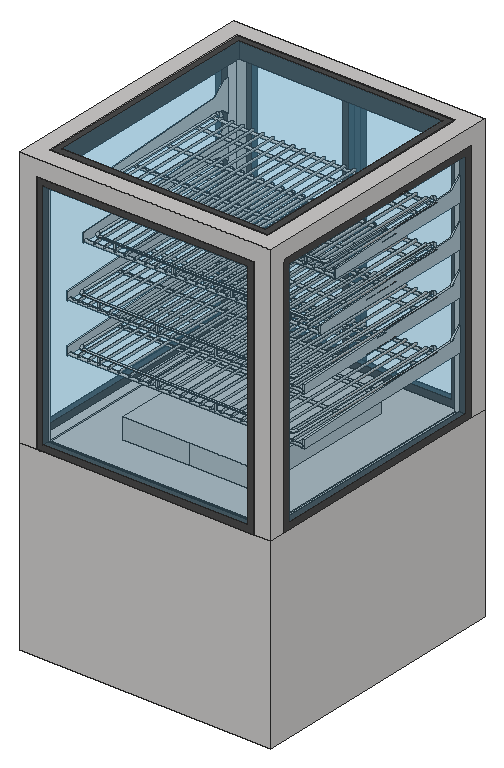
Revit family "QF_FESTIVE_RH6", category Specialty Equipment, Revit 2020
Family settings
  Round Connector Dimension = Use Diameter
  Part Type = Normal
  Work Plane-Based = No
  Always vertical = Yes
  Cut with Voids When Loaded = No
  Shared = No
  Room Calculation Point = No
Parameters (values of type "RH6_220-240/50/1")
  Weight in Kilograms = 105
  Watts = if(Phase = 3, Volts * FL Amps * 1.73, Volts * FL Amps)  # 2002 W
  Volts = 220 V
  URL Cutsheet = ""
  Specification by User = ""
  Specification by Manufacturer = ""
  Shelf Length [instance] = Length - 30 mm  # 570 mm
  Serial Number = ""
  Seismic Rating = ""
  SMACNA No = ""
  Revision Code = ""
  Phase = 1
  Number of Poles = 1
  NAFEM Spec ID Number = ""
  Model = "RH6"
  Min Ckt Ampacity = 0 A
  Max Overcurrent Protection = 0 A
  Masterspec = ""
  Manufacturer = "FESTIVE"
  Length = 600 mm
  Item Number = ""
  Installed By = ""
  Identify Quantity as Lot = yes
  Height = 1095 mm
  HP = ""
  Furnished By = ""
  Foodservice Equipment Identifier = yes
  FL Amps = 9.1 A
  Electrical Remarks = ""
  Electric Connection Type = ""
  Elec Conn RI Height = 0 mm
  Elec Conn Connection Height = 0 mm
  Description = "REGENT: HEATED"
  Depth = 640 mm
  Default Elevation = 0 mm
  Cycle = 50 Hz
  Control Panel B = Length > 600 mm  # no
  Control Panel A = Length = 600 mm  # yes
  Conn Plug = "10A Plug"
  Conn Conduit = yes
  CSI MasterFormat = ""
  Base Cover 2 [instance] = Length = 1530 mm  # no
  Base Cover 1 [instance] = Length < 1201 mm  # yes
  Apparent Power = if(Phase = 3, Volts * FL Amps * 1.73, Volts * FL Amps)  # 2002 VA
Reference planes
  plane 1 "BACK": y = 0
  plane 2: z = 0
  plane 3 "LEFT": x = 0
  plane 4 "RIGHT": x = 600
  plane 5 "FRONT": y = -640
  plane 6 "TOP": z = 1095
  plane 7 "Center Y": x = 300
  plane 8 "Center X": y = -320
  plane 9: z = 470
  plane 10: z = 25.4
  plane 11: x = 40
  plane 12: x = 560
  plane 13: x = 15
  plane 14: x = 585
  plane 15: x = 507.5
  plane 16: x = 92.5
  plane 17: y = 15
Forms (mm)
  Extrusion 1, solid, material "QF_Metal - Stainless - Brushed"
    sketch origin (-6096, 34.743, 25.4) x (0, 1, 0) y (-1, 0, 0)
      loop
        line (-34.743, -6096) -> (-674.743, -6096) -> (-674.743, -6696) -> (-34.743, -6696) -> (-34.743, -6656) -> (-634.743, -6656) -> (-634.743, -6136) -> (-34.743, -6136) -> (-34.743, -6096)
    from 0 to 444.6
  Extrusion 2, solid, material "QF_Plastic - Black - Smooth"
    sketch origin (0, 0, 0) x (0, 1, 0) y (0, 0, 1)
      loop
        line (-40, 1055) -> (-600, 1055) -> (-600, 470) -> (-40, 470) -> (-40, 1055)
      loop
        line (-55, 1040) -> (-585, 1040) -> (-585, 485) -> (-55, 485) -> (-55, 1040)
    from 0 to 15
  Extrusion 3, solid, material "QF_Metal - Stainless - Brushed"
    sketch origin (-6096, 152.961, 470) x (0, 1, 0) y (-1, 0, 0)
      loop
        line (-792.961, -6096) -> (-792.961, -6136) -> (-752.961, -6136) -> (-752.961, -6096) -> (-792.961, -6096)
      loop
        line (-792.961, -6696) -> (-752.961, -6696) -> (-752.961, -6656) -> (-792.961, -6656) -> (-792.961, -6696)
      loop
        line (-152.961, -6696) -> (-152.961, -6656) -> (-192.961, -6656) -> (-192.961, -6696) -> (-152.961, -6696)
      loop
        line (-152.961, -6096) -> (-192.961, -6096) -> (-192.961, -6136) -> (-152.961, -6136) -> (-152.961, -6096)
    from 0 to 625
  Extrusion 4, solid, material "QF_Metal - Stainless - Brushed"
    sketch origin (-975.299, -4572, 1095) x (-1, 0, 0) y (0, -1, 0)
      loop
        line (-1015.299, -3972) -> (-1535.299, -3972) -> (-1535.299, -4532) -> (-1015.299, -4532) -> (-1015.299, -3972)
      loop
        line (-975.299, -4572) -> (-975.299, -3932) -> (-1575.299, -3932) -> (-1575.299, -4572) -> (-975.299, -4572)
    from 0 to -40
  Extrusion 5, solid, material "Glass"
    sketch origin (0, 0, 0) x (0, 1, 0) y (0, 0, 1)
      loop
        line (-55, 1040) -> (-585, 1040) -> (-585, 485) -> (-55, 485) -> (-55, 1040)
    from 0 to 15
  Extrusion 6, solid, material "QF_Plastic - Black - Smooth"
    sketch origin (600, 0, 0) x (0, -1, 0) y (0, 0, 1)
      loop
        line (40, 1055) -> (40, 470) -> (600, 470) -> (600, 1055) -> (40, 1055)
      loop
        line (55, 1040) -> (55, 485) -> (585, 485) -> (585, 1040) -> (55, 1040)
    from 0 to 15
  Extrusion 7, solid, material "QF_Plastic - Black - Smooth"
    sketch origin (0, -640, 0) x (1, 0, 0) y (0, 0, 1)
      loop
        line (40, 1055) -> (40, 470) -> (560, 470) -> (560, 1055) -> (40, 1055)
      loop
        line (545, 1040) -> (55, 1040) -> (55, 485) -> (545, 485) -> (545, 1040)
    from 0 to -15
  Extrusion 8, solid, material "QF_Plastic - Black - Smooth"
    sketch origin (0, 0, 0) x (1, 0, 0) y (0, 0, 1)
      loop
        line (40, 1055) -> (40, 470) -> (315, 470) -> (315, 1055) -> (40, 1055)
      loop
        line (55, 1040) -> (55, 485) -> (300, 485) -> (300, 1040) -> (55, 1040)
    from 0 to 15
  Extrusion 9, solid, material "Glass"
    sketch origin (0, 0, 0) x (1, 0, 0) y (0, 0, 1)
      loop
        line (55, 1040) -> (55, 485) -> (300, 485) -> (300, 1040) -> (55, 1040)
    from 0 to 15
  Extrusion 10, solid, material "QF_Plastic - Black - Smooth"
    sketch origin (600, 0, 0) x (-1, 0, 0) y (0, 0, -1)
      loop
        line (40, -1055) -> (315, -1055) -> (315, -470) -> (40, -470) -> (40, -1055)
      loop
        line (55, -1040) -> (300, -1040) -> (300, -485) -> (55, -485) -> (55, -1040)
    from 15 to 30
  Extrusion 11, solid, material "Glass"
    sketch origin (600, 0, 0) x (-1, 0, 0) y (0, 0, -1)
      loop
        line (55, -1040) -> (300, -1040) -> (300, -485) -> (55, -485) -> (55, -1040)
    from 15 to 30
  Extrusion 12, solid, material "QF_Plastic - Black - Smooth"
    sketch origin (-975.299, -4572, 1095) x (-1, 0, 0) y (0, -1, 0)
      loop
        line (-1015.299, -4532) -> (-1015.299, -3972) -> (-1535.299, -3972) -> (-1535.299, -4532) -> (-1015.299, -4532)
      loop
        line (-1520.299, -4517) -> (-1030.299, -4517) -> (-1030.299, -3987) -> (-1520.299, -3987) -> (-1520.299, -4517)
    from 0 to -40
  Extrusion 13, solid, material "Glass"
    sketch origin (-975.299, -4572, 1095) x (-1, 0, 0) y (0, -1, 0)
      loop
        line (-1520.299, -4517) -> (-1030.299, -4517) -> (-1030.299, -3987) -> (-1520.299, -3987) -> (-1520.299, -4517)
    from 0 to -40
  Extrusion 14, solid, material "Glass"
    sketch origin (600, 0, 0) x (0, -1, 0) y (0, 0, 1)
      loop
        line (55, 1040) -> (55, 485) -> (585, 485) -> (585, 1040) -> (55, 1040)
    from 0 to 15
  Extrusion 15, solid, material "Glass"
    sketch origin (0, -640, 0) x (1, 0, 0) y (0, 0, 1)
      loop
        line (545, 1040) -> (55, 1040) -> (55, 485) -> (545, 485) -> (545, 1040)
    from 0 to -15
  Extrusion 16, solid, material "QF_Metal - Stainless - Brushed"
    sketch origin (0, 0, 0) x (1, 0, 0) y (0, 0, 1)
      loop
        line (560, 376.925) -> (40, 376.925) -> (40, 70.07) -> (145, 70.07) -> (145, 31.8) -> (455, 31.8) -> (455, 69.875) -> (560, 69.875) -> (560, 376.925)
    from 0 to 600
  Extrusion 17, solid
    sketch origin (0, 0, 0) x (-1, 0, 0) y (0, 0, 1)
      loop
        circle (-445, 36.8) r 5
    from 0 to 3.2
  Extrusion 18, solid, material "QF_Metal - Stainless - Brushed"
    sketch origin (560, 0, 25.4) x (1, 0, 0) y (0, 0, -1)
      loop
        line (0, -351.525) -> (-520, -351.525) -> (-520, -444.6) -> (0, -444.6) -> (0, -351.525)
    from 0 to -600
  Extrusion 19, solid, material "QF_Metal - Stainless - Brushed", visible <- "Base Cover 1"
    sketch origin (-6096, 34.743, 470) x (0, 1, 0) y (-1, 0, 0)
      loop
        line (-165.755, -6396) -> (-165.755, -6238.5) -> (-544.743, -6238.5) -> (-544.743, -6396) -> (-544.743, -6553.5) -> (-165.755, -6553.5) -> (-165.755, -6396)
    from 0 to 48.344
  Extrusion 20, solid, material "QF_Metal - Stainless - Brushed"
    sketch origin (560, 0, 25.4) x (1, 0, 0) y (0, 0, -1)
      loop
        line (0, 0) -> (-520, 0) -> (-520, -6.4) -> (0, -6.4) -> (0, 0)
    from 0 to -3.2
  Extrusion 21, solid, material "QF_Metal - Stainless - Brushed", visible <- "Control Panel A"
    sketch origin (-6.051, 0, -9.342) x (1, 0, 0) y (0, 0, -1)
      loop
        line (552.174, -234.892) -> (552.174, -112.427) -> (455.436, -112.427) -> (455.436, -234.892) -> (552.174, -234.892)
    from 0 to 15
  Extrusion 22, solid, material "QF_Metal - Stainless - Brushed", visible <- "Control Panel B"
    sketch origin (593.949, 0, 447.758) x (0, 0, -1) y (-1, 0, 0)
      loop
        line (254.6, 250) -> (254.6, 47.826) -> (344.673, 47.826) -> (344.673, 250) -> (254.6, 250)
    from 0 to 15
  Extrusion 23, solid, material "QF_Metal - Stainless - Brushed", visible <- "Control Panel B", not visible
    sketch origin (600, 9875.408, 470) x (0, 0, -1) y (-1, 0, 0)
      loop
        line (254.6, 250) -> (254.6, 47.826) -> (344.673, 47.826) -> (344.673, 250) -> (254.6, 250)
    from 0 to 15
  Extrusion 24, solid, material "QF_Metal - Stainless - Brushed", visible <- "Base Cover 2"
    sketch origin (-6096, 34.743, 470) x (0, 1, 0) y (-1, 0, 0)
      loop
        line (-165.755, -6376) -> (-165.755, -6238.5) -> (-544.743, -6238.5) -> (-544.743, -6376) -> (-165.755, -6376)
      loop
        line (-544.743, -6553.5) -> (-165.755, -6553.5) -> (-165.755, -6416) -> (-544.743, -6416) -> (-544.743, -6553.5)
    from 0 to 48.344
Cuts and joins
  joined: Extrusion 3, Extrusion 4
Lines and regions (mm)
  Split face 1
    outline origin (-5.426, 15, -8.092) x (1, 0, 0) y (0, 0, -1)
      loop
        line (540.469, -208.689) -> (540.469, -174.314) -> (465.469, -174.314) -> (465.469, -208.689) -> (540.469, -208.689)
  Split face 2
    outline origin (-3.022, 15, -60.598) x (1, 0, 0) y (0, 0, -1)
      loop
        line (526.804, -215.73) -> (526.804, -182.915) -> (514.946, -182.915) -> (514.946, -215.73) -> (526.804, -215.73)
  Split face 3
    outline origin (1001.969, 15, 41.914) x (-1, 0, 0) y (0, 0, 1)
      loop
        line (526.804, 113.218) -> (514.946, 113.218) -> (514.946, 80.403) -> (526.804, 80.403) -> (526.804, 113.218)
  Split face 4
    outline origin (593.949, 15, 447.758) x (0, 0, -1) y (-1, 0, 0)
      loop
        line (281.242, 193.932) -> (281.242, 182.074) -> (314.057, 182.074) -> (314.057, 193.932) -> (281.242, 193.932)
  Split face 5
    outline origin (593.949, 15, 447.758) x (0, 0, -1) y (-1, 0, 0)
      loop
        line (281.242, 224.579) -> (281.242, 212.721) -> (314.057, 212.721) -> (314.057, 224.579) -> (281.242, 224.579)
  Split face 6
    outline origin (593.949, 15, 447.758) x (0, 0, -1) y (-1, 0, 0)
      loop
        line (278.739, 83.03) -> (313.114, 83.03) -> (313.114, 158.03) -> (278.739, 158.03) -> (278.739, 83.03)
  symbolic lines
    curve 1: line (0, 0, 1095) -> (600, 0, 1095)
    curve 2: line (0, -640, 1095) -> (0, 0, 1095)
    curve 3: line (600, -640, 1095) -> (0, -640, 1095)
    curve 4: line (600, 0, 1095) -> (600, -640, 1095)
    curve 5: line (40, -40, 1095) -> (560, -40, 1095)
    curve 6: line (40, -600, 1095) -> (40, -40, 1095)
    curve 7: line (560, -600, 1095) -> (40, -600, 1095)
    curve 8: line (560, -40, 1095) -> (560, -600, 1095)
    curve 9: line (55, -55, 1095) -> (545, -55, 1095)
    curve 10: line (55, -585, 1095) -> (55, -55, 1095)
    curve 11: line (545, -585, 1095) -> (55, -585, 1095)
    curve 12: line (545, -55, 1095) -> (545, -585, 1095)
  symbolic lines, visible <- "Control Panel A"
    curve 13: line (449.385, 15, 1240) -> (449.385, 0, 1240)
    curve 14: line (546.124, 15, 1240) -> (449.385, 15, 1240)
    curve 15: line (546.124, 0, 1240) -> (546.124, 15, 1240)
  symbolic lines, visible <- "Control Panel B"
    curve 16: line (343.949, 15, 1240) -> (343.949, 0, 1240)
    curve 17: line (546.124, 15, 1240) -> (343.949, 15, 1240)
    curve 18: line (546.124, 0, 1240) -> (546.124, 15, 1240)
  symbolic lines, visible <- "Control Panel B", not visible
    curve 19: line (350, 9890.408, 1262.242) -> (350, 9875.408, 1262.242)
    curve 20: line (552.174, 9890.408, 1262.242) -> (350, 9890.408, 1262.242)
    curve 21: line (552.174, 9875.408, 1262.242) -> (552.174, 9890.408, 1262.242)
Dimensions and locks
  equal spacing: plane 3 "LEFT", plane 7 "Center Y", plane 4 "RIGHT"
  "Length": plane 3 "LEFT" to plane 4 "RIGHT"
  equal spacing: plane 5 "FRONT", plane 8 "Center X", plane 1 "BACK"
  "Depth": plane 5 "FRONT" to plane 1 "BACK"
  "Height": plane 6 "TOP" to level
  plane 6 "TOP" to plane 9 to level = 625 mm, 470 mm
  plane 1 "BACK" to plane 5 "FRONT" = 640 mm
  locked: plane 11 to plane 3 "LEFT" at 40
  locked: plane 12 to plane 4 "RIGHT" at 40
  locked: plane 3 "LEFT" to plane 13 at 15
  locked: plane 4 "RIGHT" to plane 14 at 15
  locked: plane 5 "FRONT" to nested 5 at 45
  locked: plane 5 "FRONT" to nested 4 at 45
  locked: plane 15 to plane 4 "RIGHT" at 92.5
  locked: plane 16 to plane 3 "LEFT" at 92.5
  plane 16 to Extrusion 19 sketch curve = 50 mm
  plane 1 "BACK" to plane 17 = 15 mm
  locked: plane 4 "RIGHT" to Extrusion 22 at 53.876
  Extrusion 24 sketch curve to plane 7 "Center Y" to Extrusion 24 sketch curve = 20 mm locked, 20 mm locked
  aligned and locked: level to plane 2
  aligned and locked: plane 9 to Extrusion 1
  aligned and locked: plane 6 "TOP" to Extrusion 3
  aligned and locked: plane 16 to nested 3
  aligned and locked: plane 16 to nested 4
  aligned and locked: nested 6 to plane 15
  aligned and locked: nested 5 to plane 15
  aligned and locked: Extrusion 1 to Extrusion 18 sketch curve
  aligned and locked: Extrusion 18 sketch curve to Extrusion 1
  aligned and locked: plane 11 to Extrusion 20 sketch curve
Automatic sketch dimensions
  Extrusion 22 sketch curve to Extrusion 22 sketch curve = 90.073 mm
  Extrusion 22 sketch curve to Extrusion 22 sketch curve = 202.174 mm
  Extrusion 23 sketch curve to Extrusion 23 sketch curve = 90.073 mm
  Extrusion 23 sketch curve to Extrusion 23 sketch curve = 202.174 mm
  curve 17 to curve 17 = 202.174 mm
  curve 17 to curve 18 = 15 mm
  curve 16 to curve 16 = 15 mm
  curve 20 to curve 20 = 202.174 mm
  curve 20 to curve 21 = 15 mm
  curve 19 to curve 19 = 15 mm
  Extrusion 1 sketch curve to plane 3 "LEFT" = 0 mm
  plane 5 "FRONT" to Extrusion 1 sketch curve = 0 mm
  Extrusion 1 sketch curve to plane 12 = 0 mm
  Extrusion 1 sketch curve to plane 11 = 0 mm
  plane 1 "BACK" to Extrusion 1 sketch curve = 0 mm  (x2)
  Extrusion 1 sketch curve to plane 4 "RIGHT" = 0 mm
  Extrusion 1 sketch curve to plane 5 "FRONT" = 40 mm
  Extrusion 2 sketch curve to plane 9 = 0 mm
  Extrusion 2 sketch curve to plane 5 "FRONT" = 40 mm
  Extrusion 2 sketch curve to Extrusion 2 sketch curve = 15 mm  (x3)
  plane 9 to Extrusion 2 sketch curve = 15 mm
  plane 1 "BACK" to Extrusion 2 sketch curve = 55 mm
  Extrusion 2 sketch curve to plane 6 "TOP" = 55 mm
  Extrusion 3 sketch curve to plane 3 "LEFT" = 0 mm  (x2)
  plane 5 "FRONT" to Extrusion 3 sketch curve = 0 mm  (x2)
  Extrusion 3 sketch curve to plane 4 "RIGHT" = 0 mm  (x2)
  Extrusion 3 sketch curve to plane 11 = 0 mm  (x2)
  Extrusion 3 sketch curve to plane 12 = 0 mm  (x2)
  plane 1 "BACK" to Extrusion 3 sketch curve = 0 mm  (x2)
  Extrusion 3 sketch curve to plane 5 "FRONT" = 40 mm  (x2)
  Extrusion 3 sketch curve to Extrusion 3 sketch curve = 40 mm  (x2)
  plane 1 "BACK" to Extrusion 4 sketch curve = 0 mm
  Extrusion 4 sketch curve to plane 4 "RIGHT" = 0 mm
  Extrusion 4 sketch curve to plane 12 = 0 mm
  Extrusion 4 sketch curve to plane 11 = 0 mm
  Extrusion 4 sketch curve to plane 3 "LEFT" = 0 mm
  plane 5 "FRONT" to Extrusion 4 sketch curve = 0 mm
  plane 1 "BACK" to Extrusion 4 sketch curve = 40 mm
  Extrusion 4 sketch curve to plane 5 "FRONT" = 40 mm
  Extrusion 5 sketch curve to plane 5 "FRONT" = 55 mm
  plane 9 to Extrusion 5 sketch curve = 15 mm
  plane 1 "BACK" to Extrusion 5 sketch curve = 55 mm
  Extrusion 5 sketch curve to plane 6 "TOP" = 55 mm
  Extrusion 6 sketch curve to plane 9 = 0 mm
  plane 1 "BACK" to Extrusion 6 sketch curve = 40 mm
  Extrusion 6 sketch curve to Extrusion 6 sketch curve = 15 mm  (x3)
  plane 9 to Extrusion 6 sketch curve = 15 mm
  Extrusion 6 sketch curve to plane 5 "FRONT" = 55 mm
  Extrusion 6 sketch curve to plane 6 "TOP" = 55 mm
  Extrusion 7 sketch curve to plane 9 = 0 mm
  Extrusion 7 sketch curve to plane 11 = 0 mm
  plane 12 to Extrusion 7 sketch curve = 0 mm
  plane 11 to Extrusion 7 sketch curve = 15 mm
  plane 12 to Extrusion 7 sketch curve = 15 mm
  plane 9 to Extrusion 7 sketch curve = 15 mm
  Extrusion 7 sketch curve to plane 6 "TOP" = 55 mm
  Extrusion 7 sketch curve to Extrusion 7 sketch curve = 15 mm
  Extrusion 8 sketch curve to plane 9 = 0 mm
  Extrusion 8 sketch curve to plane 11 = 0 mm
  Extrusion 8 sketch curve to plane 7 "Center Y" = 0 mm
  plane 11 to Extrusion 8 sketch curve = 15 mm
  plane 7 "Center Y" to Extrusion 8 sketch curve = 15 mm
  plane 9 to Extrusion 8 sketch curve = 15 mm
  Extrusion 8 sketch curve to plane 6 "TOP" = 55 mm
  Extrusion 8 sketch curve to Extrusion 8 sketch curve = 15 mm
  Extrusion 9 sketch curve to plane 7 "Center Y" = 0 mm
  plane 11 to Extrusion 9 sketch curve = 15 mm
  plane 9 to Extrusion 9 sketch curve = 15 mm
  Extrusion 9 sketch curve to plane 6 "TOP" = 55 mm
  Extrusion 10 sketch curve to plane 9 = 0 mm
  plane 12 to Extrusion 10 sketch curve = 0 mm
  Extrusion 10 sketch curve to plane 7 "Center Y" = 0 mm
  Extrusion 10 sketch curve to plane 12 = 15 mm
  plane 7 "Center Y" to Extrusion 10 sketch curve = 15 mm
  Extrusion 10 sketch curve to plane 9 = 15 mm
  plane 6 "TOP" to Extrusion 10 sketch curve = 55 mm
  Extrusion 10 sketch curve to Extrusion 10 sketch curve = 15 mm
  Extrusion 11 sketch curve to plane 7 "Center Y" = 0 mm
  Extrusion 11 sketch curve to plane 12 = 15 mm
  Extrusion 11 sketch curve to plane 9 = 15 mm
  plane 6 "TOP" to Extrusion 11 sketch curve = 55 mm
  Extrusion 12 sketch curve to plane 12 = 0 mm
  Extrusion 12 sketch curve to plane 11 = 0 mm
  plane 12 to Extrusion 12 sketch curve = 15 mm
  plane 11 to Extrusion 12 sketch curve = 15 mm
  plane 1 "BACK" to Extrusion 12 sketch curve = 40 mm
  Extrusion 12 sketch curve to Extrusion 12 sketch curve = 15 mm  (x2)
  Extrusion 12 sketch curve to plane 5 "FRONT" = 55 mm
  plane 12 to Extrusion 13 sketch curve = 15 mm
  plane 11 to Extrusion 13 sketch curve = 15 mm
  plane 1 "BACK" to Extrusion 13 sketch curve = 55 mm
  Extrusion 13 sketch curve to plane 5 "FRONT" = 55 mm
  plane 1 "BACK" to Extrusion 14 sketch curve = 55 mm
  plane 9 to Extrusion 14 sketch curve = 15 mm
  Extrusion 14 sketch curve to plane 5 "FRONT" = 55 mm
  Extrusion 14 sketch curve to plane 6 "TOP" = 55 mm
  plane 1 "BACK" to curve 1 = 0 mm
  curve 1 to plane 4 "RIGHT" = 0 mm
  curve 8 to plane 12 = 0 mm
  curve 5 to plane 11 = 0 mm
  curve 3 to plane 3 "LEFT" = 0 mm
  plane 5 "FRONT" to curve 3 = 0 mm
  plane 12 to curve 12 = 15 mm
  plane 11 to curve 10 = 15 mm
  plane 1 "BACK" to curve 5 = 40 mm
  curve 5 to curve 9 = 15 mm
  curve 12 to plane 5 "FRONT" = 55 mm
  curve 10 to curve 7 = 15 mm
  plane 11 to Extrusion 15 sketch curve = 15 mm
  plane 12 to Extrusion 15 sketch curve = 15 mm
  plane 9 to Extrusion 15 sketch curve = 15 mm
  Extrusion 15 sketch curve to plane 6 "TOP" = 55 mm
  Extrusion 16 sketch curve to plane 11 = 0 mm
  plane 12 to Extrusion 16 sketch curve = 0 mm
  plane 10 to Extrusion 16 sketch curve = 6.4 mm
  plane 16 to Extrusion 16 sketch curve = 52.5 mm
  plane 15 to Extrusion 16 sketch curve = 52.5 mm
  plane 10 to Extrusion 16 sketch curve = 44.475 mm
  Extrusion 16 sketch curve to Extrusion 16 sketch curve = 38.27 mm
  Extrusion 16 sketch curve to plane 9 = 93.075 mm
  Extrusion 17 sketch curve to Extrusion 16 = 10 mm
  Extrusion 17 sketch curve to Extrusion 16 = 5 mm
  Extrusion 18 sketch curve to Extrusion 1 = 0 mm
  Extrusion 1 to Extrusion 18 sketch curve = 93.075 mm
  Extrusion 1 to Extrusion 19 sketch curve = 90 mm
  Extrusion 19 sketch curve to Extrusion 1 = 131.012 mm
  Extrusion 19 sketch curve to Extrusion 19 sketch curve = 157.5 mm  (x2)
  Extrusion 1 to Extrusion 19 sketch curve = 102.5 mm
  Extrusion 20 sketch curve to Extrusion 1 = 0 mm  (x2)
  Extrusion 20 sketch curve to Extrusion 20 sketch curve = 6.4 mm
  plane 15 to Extrusion 21 sketch curve = 58.115 mm
  plane 12 to Extrusion 21 sketch curve = 13.876 mm
  plane 10 to Extrusion 21 sketch curve = 200.149 mm
  plane 10 to Extrusion 21 sketch curve = 77.684 mm
  Split face 1 sketch curve to Extrusion 21 = 10.658 mm
  Split face 1 sketch curve to Extrusion 21 = 11.081 mm
  Split face 1 sketch curve to Extrusion 21 = 24.952 mm
  Split face 1 sketch curve to Split face 1 sketch curve = 34.375 mm
  Split face 2 sketch curve to Extrusion 21 = 34.2 mm
  Split face 2 sketch curve to Split face 2 sketch curve = 11.857 mm
  Split face 2 sketch curve to Extrusion 21 = 52.047 mm
  Split face 2 sketch curve to Extrusion 21 = 19.232 mm
  Split face 3 sketch curve to Extrusion 21 = 37.637 mm
  Split face 3 sketch curve to Split face 3 sketch curve = 11.857 mm
  Split face 3 sketch curve to Extrusion 21 = 19.232 mm
  Split face 3 sketch curve to Split face 3 sketch curve = 32.815 mm
  Split face 4 sketch curve to Extrusion 22 = 26.642 mm
  Split face 4 sketch curve to Extrusion 22 = 30.616 mm
  Split face 4 sketch curve to Extrusion 22 = 67.926 mm
  Split face 4 sketch curve to Split face 4 sketch curve = 11.857 mm
  Split face 5 sketch curve to Extrusion 22 = 26.642 mm
  Split face 5 sketch curve to Extrusion 22 = 30.616 mm
  Split face 5 sketch curve to Extrusion 22 = 37.279 mm
  Split face 5 sketch curve to Split face 5 sketch curve = 11.857 mm
  Split face 6 sketch curve to Extrusion 22 = 24.139 mm
  Split face 6 sketch curve to Extrusion 22 = 31.559 mm
  Split face 6 sketch curve to Extrusion 22 = 35.205 mm
  Split face 6 sketch curve to Split face 6 sketch curve = 75 mm
  plane 1 "BACK" to curve 15 = 0 mm
  curve 14 to plane 17 = 0 mm
  plane 1 "BACK" to curve 13 = 0 mm
  plane 12 to curve 14 = 13.876 mm
  plane 15 to curve 14 = 58.115 mm
  Extrusion 1 to Extrusion 24 sketch curve = 90 mm
  Extrusion 24 sketch curve to Extrusion 24 sketch curve = 0 mm  (x2)
  Extrusion 24 sketch curve to Extrusion 1 = 131.012 mm
  Extrusion 1 to Extrusion 24 sketch curve = 102.5 mm  (x2)
  radius of Extrusion 17 sketch curve = 5 mm
Nested families
  nested 1: "PARAMETRIC SHELF" at (15, -40, 832.321), Length <- "Shelf Length", type "PARAMETRIC SHELF"
    with Rail Depth 382 mm, Rail 2 4, No. of Rail 22, Length 570 mm, Depth 432 mm
  nested 2: "PARAMETRIC SHELF" at (15, -40, 728.214), Length <- "Shelf Length", type "PARAMETRIC SHELF"
    with Rail Depth 430 mm, Rail 2 4, No. of Rail 22, Length 570 mm, Depth 480 mm
  nested 3: "3 INCHES 01_CASTER" at (92.5, -65, 0), type "3 INCHES 01_CASTER"
    with Type Mark "", Specification by User "", Revision Code "", Item Number "", Installed By "", Identify Quantity as Lot yes, Furnished By "", Foodservice Equipment Identifier yes, 3 Inches Caster yes
  nested 4: "3 INCHES 01_CASTER" at (92.5, -595, 0), type "3 INCHES 01_CASTER"
    with Type Mark "", Specification by User "", Revision Code "", Item Number "", Installed By "", Identify Quantity as Lot yes, Furnished By "", Foodservice Equipment Identifier yes, 3 Inches Caster yes
  nested 5: "3 INCHES 01_CASTER" at (507.5, -595, 0), type "3 INCHES 01_CASTER"
    with Type Mark "", Specification by User "", Revision Code "", Item Number "", Installed By "", Identify Quantity as Lot yes, Furnished By "", Foodservice Equipment Identifier yes, 3 Inches Caster yes
  nested 6: "3 INCHES 01_CASTER" at (507.5, -65, 0), type "3 INCHES 01_CASTER"
    with Type Mark "", Specification by User "", Revision Code "", Item Number "", Installed By "", Identify Quantity as Lot yes, Furnished By "", Foodservice Equipment Identifier yes, 3 Inches Caster yes
  nested 7: "PARAMETRIC SHELF" at (15, -40, 932.679), Length <- "Shelf Length", type "PARAMETRIC SHELF"
    with Rail Depth 335 mm, Rail 2 4, No. of Rail 22, Length 570 mm, Depth 385 mm
  nested 8: "PARAMETRIC SHELF" at (15, -40, 610.357), Length <- "Shelf Length", type "PARAMETRIC SHELF"
    with Rail Depth 430 mm, Rail 2 4, No. of Rail 22, Length 570 mm, Depth 480 mm
Connectors
  electrical at (445, 3.2, 36.8), driven by "Volts", driven by "Watts"
    settings: on Extrusion 17, index 2, voltage 220 V, apparent load 2002 VA, apparent load phase1 0 VA, apparent load phase2 0 VA, apparent load phase3 0 VA, power factor 1, load classification "Other", number of poles 1, system type 30, power factor state 1, is connector primary yes, connector utility no, sub classification motor no, connector description "ELECTRICAL CONNECTION"
Definition of nested family "PARAMETRIC SHELF"
  Parameters (values of type "PARAMETRIC SHELF")
    Weight in Pounds = 0
    URL Cutsheet = ""
    Specification by User = ""
    Specification by Manufacturer = ""
    Serial Number = ""
    Seismic Rating = ""
    SMACNA No = ""
    Revision Code = ""
    Rail Depth [instance] = Depth - 50 mm  # 367 mm
    Rail 2 [instance] = Length / 150 mm  # 4
    No. of Rail [instance] = Length / 25.4 mm  # 24
    NAFEM Spec ID Number = ""
    Masterspec = ""
    Length [instance] = 600 mm
    Item Number = ""
    Installed By = ""
    Identify Quantity as Lot = yes
    Height = 220 mm
    Furnished By = ""
    Foodservice Equipment Identifier = yes
    Depth [instance] = 417 mm
    Default Elevation = 0 mm
    CSI MasterFormat = ""
  Reference planes
    plane 1 "BACK": y = 0
    plane 2: z = 0
    plane 3 "LEFT": x = 0
    plane 4 "RIGHT": x = 600
    plane 5 "FRONT": y = -417
    plane 6 "TOP": z = 220
    plane 7 "Center Y": x = 300
    plane 8 "Center X": y = -208.5
    plane 9: x = 28.6
    plane 10: x = 571.4
    plane 11: x = 3.2
    plane 12: x = 596.8
  Forms (mm)
    Extrusion 1, solid
      sketch origin (0, -4517, 280.761) x (0, 0, 1) y (0, -1, 0)
        loop
          line (-244.023, -4477) -> (-261.193, -4100) -> (-280.761, -4100) -> (-280.761, -4502.438) -> (-295.323, -4517) -> (-217.773, -4517) -> (-217.773, -4508.448) -> (-244.023, -4477)
      from 0 to 3.2
    Extrusion 2, solid
      sketch origin (600, 0, 0) x (0, -1, 0) y (0, 0, 1)
        loop
          line (40, 36.738) -> (8.552, 62.988) -> (0, 62.988) -> (0, -14.562) -> (14.562, 0) -> (417, 0) -> (417, 19.568) -> (40, 36.738)
      from 0 to 3.2
    Extrusion 3, solid
      sketch origin (3.2, -4572, 62.788) x (0, 0, 1) y (0, -1, 0)
        loop
          circle (-59.788, -4158) r 3
        loop
          circle (-59.788, -4268) r 3
        loop
          circle (-59.788, -4368) r 3
        loop
          circle (-59.788, -4471.515) r 3
        loop
          circle (-59.788, -4519.015) r 3
      from 0 to 593.6
    Extrusion 4, solid
      sketch origin (20.4, -417, 21.873) x (0, 0, 1) y (1, 0, 0)
        loop
          circle (-13.368, 8.2) r 2.5
      from 0 to 367 <- "Rail Depth"
    Extrusion 5, solid
      sketch origin (563.2, -417, 21.873) x (0, 0, 1) y (1, 0, 0)
        loop
          circle (-13.368, 8.2) r 2.5
      from 0 to 367 <- "Rail Depth"
    Extrusion 6, solid
      sketch origin (44, -417, 21.873) x (0, 0, 1) y (1, 0, 0)
        loop
          circle (-13.368, 8.2) r 2.5
      from 0 to 367 <- "Rail Depth"
    Extrusion 7, solid
      sketch origin (67.6, -417, 21.873) x (0, 0, 1) y (1, 0, 0)
        loop
          circle (-13.368, 8.2) r 2.5
      from 0 to 367 <- "Rail Depth"
    Extrusion 8, solid
      sketch origin (91.2, -417, 21.873) x (0, 0, 1) y (1, 0, 0)
        loop
          circle (-13.368, 8.2) r 2.5
      from 0 to 367 <- "Rail Depth"
    Extrusion 9, solid
      sketch origin (114.8, -417, 21.873) x (0, 0, 1) y (1, 0, 0)
        loop
          circle (-13.368, 8.2) r 2.5
      from 0 to 367 <- "Rail Depth"
    Extrusion 10, solid
      sketch origin (138.4, -417, 21.873) x (0, 0, 1) y (1, 0, 0)
        loop
          circle (-13.368, 8.2) r 2.5
      from 0 to 367 <- "Rail Depth"
    Extrusion 11, solid
      sketch origin (162, -417, 21.873) x (0, 0, 1) y (1, 0, 0)
        loop
          circle (-13.368, 8.2) r 2.5
      from 0 to 367 <- "Rail Depth"
    Extrusion 12, solid
      sketch origin (185.6, -417, 21.873) x (0, 0, 1) y (1, 0, 0)
        loop
          circle (-13.368, 8.2) r 2.5
      from 0 to 367 <- "Rail Depth"
    Extrusion 13, solid
      sketch origin (209.2, -417, 21.873) x (0, 0, 1) y (1, 0, 0)
        loop
          circle (-13.368, 8.2) r 2.5
      from 0 to 367 <- "Rail Depth"
    Extrusion 14, solid
      sketch origin (232.8, -417, 21.873) x (0, 0, 1) y (1, 0, 0)
        loop
          circle (-13.368, 8.2) r 2.5
      from 0 to 367 <- "Rail Depth"
    Extrusion 15, solid
      sketch origin (256.4, -417, 21.873) x (0, 0, 1) y (1, 0, 0)
        loop
          circle (-13.368, 8.2) r 2.5
      from 0 to 367 <- "Rail Depth"
    Extrusion 16, solid
      sketch origin (280, -417, 21.873) x (0, 0, 1) y (1, 0, 0)
        loop
          circle (-13.368, 8.2) r 2.5
      from 0 to 367 <- "Rail Depth"
    Extrusion 17, solid
      sketch origin (303.6, -417, 21.873) x (0, 0, 1) y (1, 0, 0)
        loop
          circle (-13.368, 8.2) r 2.5
      from 0 to 367 <- "Rail Depth"
    Extrusion 18, solid
      sketch origin (327.2, -417, 21.873) x (0, 0, 1) y (1, 0, 0)
        loop
          circle (-13.368, 8.2) r 2.5
      from 0 to 367 <- "Rail Depth"
    Extrusion 19, solid
      sketch origin (350.8, -417, 21.873) x (0, 0, 1) y (1, 0, 0)
        loop
          circle (-13.368, 8.2) r 2.5
      from 0 to 367 <- "Rail Depth"
    Extrusion 20, solid
      sketch origin (374.4, -417, 21.873) x (0, 0, 1) y (1, 0, 0)
        loop
          circle (-13.368, 8.2) r 2.5
      from 0 to 367 <- "Rail Depth"
    Extrusion 21, solid
      sketch origin (398, -417, 21.873) x (0, 0, 1) y (1, 0, 0)
        loop
          circle (-13.368, 8.2) r 2.5
      from 0 to 367 <- "Rail Depth"
    Extrusion 22, solid
      sketch origin (421.6, -417, 21.873) x (0, 0, 1) y (1, 0, 0)
        loop
          circle (-13.368, 8.2) r 2.5
      from 0 to 367 <- "Rail Depth"
    Extrusion 23, solid
      sketch origin (445.2, -417, 21.873) x (0, 0, 1) y (1, 0, 0)
        loop
          circle (-13.368, 8.2) r 2.5
      from 0 to 367 <- "Rail Depth"
    Extrusion 24, solid
      sketch origin (468.8, -417, 21.873) x (0, 0, 1) y (1, 0, 0)
        loop
          circle (-13.368, 8.2) r 2.5
      from 0 to 367 <- "Rail Depth"
    Extrusion 25, solid
      sketch origin (492.4, -417, 21.873) x (0, 0, 1) y (1, 0, 0)
        loop
          circle (-13.368, 8.2) r 2.5
      from 0 to 367 <- "Rail Depth"
    Extrusion 26, solid
      sketch origin (516, -417, 21.873) x (0, 0, 1) y (1, 0, 0)
        loop
          circle (-13.368, 8.2) r 2.5
      from 0 to 367 <- "Rail Depth"
    Extrusion 27, solid
      sketch origin (539.6, -417, 21.873) x (0, 0, 1) y (1, 0, 0)
        loop
          circle (-13.368, 8.2) r 2.5
      from 0 to 367 <- "Rail Depth"
    Sweep 28, solid
      path origin (0, 0, 0) x (1, 0, 0) y (0, 1, 0)
        loop
          line (571.4, -70) -> (571.4, -404)
          arc (571.4, -404) -> (568.471, -411.071) -> (561.4, -414) r 10
          line (561.4, -414) -> (38.6, -414)
          arc (38.6, -414) -> (31.529, -411.071) -> (28.6, -404) r 10
          line (28.6, -404) -> (28.6, -70)
      profile origin (571.4, -237, 0) x (1, 0, 0) y (0, 0, 1)
        loop
          circle (0, 23.505) r 2.5
    Sweep 29, solid
      path origin (28.6, -4572, 11.2) x (0, 0, 1) y (0, -1, 0)
        loop
          line (12.305, -4502) -> (12.305, -4509.015)
          arc (12.305, -4509.015) -> (9.376, -4516.086) -> (2.305, -4519.015) r 10
          line (2.305, -4519.015) -> (-0.376, -4519.015)
      profile origin (28.6, -66.493, 23.505) x (0, 0, 1) y (1, 0, 0)
        loop
          circle (0, 0) r 2.5
    Sweep 30, solid
      path origin (571.4, -4572, 11.2) x (0, 0, 1) y (0, -1, 0)
        loop
          line (12.305, -4502) -> (12.305, -4509.015)
          arc (12.305, -4509.015) -> (9.376, -4516.086) -> (2.305, -4519.015) r 10
          line (2.305, -4519.015) -> (-0.376, -4519.015)
      profile origin (571.4, -66.493, 23.505) x (0, 0, -1) y (-1, 0, 0)
        loop
          circle (0, 0) r 2.5
    Extrusion 31, solid
      sketch origin (0, 0, 0) x (1, 0, 0) y (0, 1, 0)
        loop
          circle (75.8, -414.118) r 2
      from 5.989 to 23.272
    Extrusion 32, solid
      sketch origin (448.4, 0, 0) x (1, 0, 0) y (0, 1, 0)
        loop
          circle (75.8, -414.118) r 2
      from 5.989 to 23.272
    Extrusion 33, solid
      sketch origin (149.467, 0, 0) x (1, 0, 0) y (0, 1, 0)
        loop
          circle (75.8, -414.118) r 2
      from 5.989 to 23.272
    Extrusion 34, solid
      sketch origin (298.933, 0, 0) x (1, 0, 0) y (0, 1, 0)
        loop
          circle (75.8, -414.118) r 2
      from 5.989 to 23.272
  Cuts and joins
    joined: Sweep 28, Sweep 29, Sweep 30
  Lines and regions (mm)
    symbolic lines
      curve 1: line (0, 0, 0) -> (600, 0, 0)
      curve 2: line (0, -417, 0) -> (0, 0, 0)
      curve 3: line (600, -417, 0) -> (0, -417, 0)
      curve 4: line (600, 0, 0) -> (600, -417, 0)
  Dimensions and locks
    equal spacing: plane 3 "LEFT", plane 7 "Center Y", plane 4 "RIGHT"
    "Length": plane 3 "LEFT" to plane 4 "RIGHT"
    equal spacing: plane 5 "FRONT", plane 8 "Center X", plane 1 "BACK"
    "Depth": plane 5 "FRONT" to plane 1 "BACK"
    "Height": plane 6 "TOP" to level
    locked: plane 9 to plane 3 "LEFT" at 28.6
    locked: plane 10 to plane 4 "RIGHT" at 28.6
    locked: plane 12 to plane 4 "RIGHT" at 3.2
    locked: plane 11 to plane 3 "LEFT" at 3.2
    equal spacing: group 1, group 3, group 4, group 5, group 6, group 7, group 8, group 9, group 10, group 11, group 12, group 13, group 14, group 15, group 16, group 17, group 18, group 19, group 20, group 21, group 22, group 23, group 24, group 2  (x3)
    plane 1 "BACK" to Extrusion 3 sketch curve to Extrusion 3 sketch curve = 52.985 mm locked, 47.5 mm locked
    locked: Sweep 28 sketch curve to plane 1 "BACK" at 70  (x2)
    equal spacing: group 25, group 27, group 28, group 26  (x3)
    locked: Extrusion 31 to plane 3 "LEFT" at 73.8
    locked: Extrusion 32 to plane 4 "RIGHT" at 73.8
    locked: Extrusion 31 to plane 5 "FRONT" at 2.882
    locked: Extrusion 32 to plane 5 "FRONT" at 2.882
    aligned and locked: level to plane 2
    aligned and locked: Extrusion 3 to plane 12
    aligned and locked: plane 5 "FRONT" to Extrusion 4
    aligned and locked: plane 5 "FRONT" to Extrusion 5
    aligned and locked: plane 10 to Extrusion 5
  Automatic sketch dimensions
    Extrusion 1 sketch curve to plane 1 "BACK" = 0 mm
    Extrusion 1 sketch curve to level = 0 mm
    Extrusion 1 sketch curve to plane 5 "FRONT" = 0 mm
    Extrusion 1 sketch curve to level = 14.562 mm
    level to Extrusion 1 sketch curve = 19.568 mm
    level to Extrusion 1 sketch curve = 36.738 mm
    plane 1 "BACK" to Extrusion 1 sketch curve = 8.552 mm
    Extrusion 1 sketch curve to Extrusion 1 sketch curve = 26.25 mm
    plane 1 "BACK" to Extrusion 1 sketch curve = 14.562 mm
    plane 1 "BACK" to Extrusion 1 sketch curve = 40 mm
    Extrusion 2 sketch curve to plane 1 "BACK" = 0 mm
    Extrusion 2 sketch curve to level = 0 mm
    Extrusion 2 sketch curve to plane 5 "FRONT" = 0 mm
    plane 1 "BACK" to Extrusion 2 sketch curve = 8.552 mm
    plane 1 "BACK" to Extrusion 2 sketch curve = 14.562 mm
    plane 1 "BACK" to Extrusion 2 sketch curve = 40 mm
    Extrusion 2 sketch curve to level = 14.562 mm
    level to Extrusion 2 sketch curve = 19.568 mm
    level to Extrusion 2 sketch curve = 36.738 mm
    Extrusion 2 sketch curve to Extrusion 2 sketch curve = 26.25 mm
    level to Extrusion 3 sketch curve = 3 mm  (x5)
    plane 8 "Center X" to Extrusion 3 sketch curve = 4.5 mm
    Extrusion 3 sketch curve to plane 8 "Center X" = 95.5 mm
    Extrusion 3 sketch curve to plane 5 "FRONT" = 3 mm
    Sweep 28 sketch curve to plane 9 = 0 mm
    Sweep 28 sketch curve to plane 10 = 0 mm
    Sweep 28 sketch curve to plane 5 "FRONT" = 3 mm
    plane 9 to Sweep 28 sketch curve = 10 mm
    Sweep 28 sketch curve to Sweep 28 sketch curve = 10 mm
    profile plane to Sweep 28 sketch curve = 0 mm
    level to Sweep 28 sketch curve = 23.505 mm
    level to Sweep 29 sketch curve = 13.505 mm
    Sweep 29 sketch curve to Sweep 29 sketch curve = 10 mm
    plane 1 "BACK" to Sweep 29 sketch curve = 52.985 mm
    Sweep 29 sketch curve to Sweep 29 sketch curve = 2.68 mm
    Sweep 29 sketch curve to Sweep 29 sketch curve = 7.015 mm
    Sweep 29 sketch curve to plane 9 = 0 mm
    Sweep 29 sketch curve to profile plane = 0 mm
    Sweep 30 sketch curve to profile plane = 0 mm
    profile plane to Sweep 30 sketch curve = 0 mm
    Sweep 30 sketch curve to level = 13.505 mm
    Sweep 30 sketch curve to Sweep 30 sketch curve = 10 mm
    Sweep 30 sketch curve to plane 1 "BACK" = 52.985 mm
    Sweep 30 sketch curve to Sweep 30 sketch curve = 2.68 mm
    Sweep 30 sketch curve to Sweep 30 sketch curve = 7.015 mm
    curve 3 to plane 3 "LEFT" = 0 mm
    curve 3 to plane 4 "RIGHT" = 0 mm
    plane 5 "FRONT" to curve 3 = 0 mm
    plane 1 "BACK" to curve 2 = 0 mm
    radius of Extrusion 4 sketch curve = 2.5 mm
    radius of Extrusion 5 sketch curve = 2.5 mm
    radius of Extrusion 6 sketch curve = 2.5 mm
    radius of Extrusion 7 sketch curve = 2.5 mm
    radius of Extrusion 8 sketch curve = 2.5 mm
    radius of Extrusion 9 sketch curve = 2.5 mm
    radius of Extrusion 10 sketch curve = 2.5 mm
    radius of Extrusion 11 sketch curve = 2.5 mm
    radius of Extrusion 12 sketch curve = 2.5 mm
    radius of Extrusion 13 sketch curve = 2.5 mm
    radius of Extrusion 14 sketch curve = 2.5 mm
    radius of Extrusion 15 sketch curve = 2.5 mm
    radius of Extrusion 16 sketch curve = 2.5 mm
    radius of Extrusion 17 sketch curve = 2.5 mm
    radius of Extrusion 18 sketch curve = 2.5 mm
    radius of Extrusion 19 sketch curve = 2.5 mm
    radius of Extrusion 20 sketch curve = 2.5 mm
    radius of Extrusion 21 sketch curve = 2.5 mm
    radius of Extrusion 22 sketch curve = 2.5 mm
    radius of Extrusion 23 sketch curve = 2.5 mm
    radius of Extrusion 24 sketch curve = 2.5 mm
    radius of Extrusion 25 sketch curve = 2.5 mm
    radius of Extrusion 26 sketch curve = 2.5 mm
    radius of Extrusion 27 sketch curve = 2.5 mm
    radius of Extrusion 3 sketch curve = 3 mm  (x5)
    radius of Sweep 28 sketch curve = 2.5 mm
    radius of Sweep 29 sketch curve = 2.5 mm
    radius of Sweep 30 sketch curve = 2.5 mm
    radius of Extrusion 31 sketch curve = 2 mm
    radius of Extrusion 32 sketch curve = 2 mm
    radius of Extrusion 33 sketch curve = 2 mm
    radius of Extrusion 34 sketch curve = 2 mm
Definition of nested family "3 INCHES 01_CASTER"
  Parameters (values of type "3 INCHES 01_CASTER")
    Weight = ""
    URL Manufacturer = ""
    URL Cutsheet = ""
    URL = ""
    Type Mark [instance] = ""
    Specification by User [instance] = ""
    Specification by Manufacturer = ""
    Serial Number = ""
    Seismic Rating = ""
    SMACNA No = ""
    Revision Code [instance] = ""
    Omniclass Number and Title = ""
    NAFEM Spec ID Number = ""
    Model = ""
    MasterSpec. = ""
    Manufacturer = ""
    Item Number [instance] = ""
    Installed By [instance] = ""
    Identify Quantity as Lot [instance] = yes
    Furnished By [instance] = ""
    Foodservice Equipment Identifier [instance] = yes
    Description = ""
    Default Elevation = 0 mm
    CSI MasterFormat = ""
    CSI Master Format = ""
    Assembly Code = ""
    3 Inches Caster [instance] = yes
  Reference planes
    plane 1: z = 0
    plane 2 "RIGHT": x = 0
    plane 3 "FRONT": y = 0
    plane 4 "TOP": z = 79.375
  Forms (mm)
    Revolve 1, solid, visible <- "3 Inches Caster"
      sketch origin (-49.224, 14.225, -25.504) x (1, 0, 0) y (0, 0, 1)
        loop
          line (18.81, 53.682) -> (18.81, 51.765) -> (20.08, 50.495) -> (21.604, 50.495) -> (21.604, 47.445) -> (31.369, 47.445) -> (31.369, 43.353) -> (34.656, 41.455) -> (35.568, 35.823) -> (34.131, 35.823) -> (34.131, 32.648) -> (34.925, 32.648) -> (34.925, 25.504) -> (63.103, 25.504) -> (63.103, 32.648) -> (63.897, 32.648) -> (63.897, 35.823) -> (62.461, 35.823) -> (63.387, 41.544) -> (66.659, 43.434) -> (66.659, 47.445) -> (77.218, 47.445) -> (77.218, 50.495) -> (78.742, 50.495) -> (80.012, 51.765) -> (80.012, 53.682) -> (18.81, 53.682)
        axis (18.81, 53.682) -> (80.012, 53.682)
      angle from 0 to 360
    Extrusion 2, solid, visible <- "3 Inches Caster"
      sketch origin (-49.224, 34.365, -82.654) x (0, 1, 0) y (0, 0, 1)
        loop
          line (-10.438, 149.046) -> (-10.438, 152.724) -> (-58.291, 152.724) -> (-58.291, 145.096) -> (-46.304, 145.096)
          arc (-46.304, 145.096) -> (-25.478, 142.206) -> (-4.976, 137.538) r 244.683
          arc (-4.976, 137.538) -> (3.212, 134.488) -> (10.725, 130.027) r 48.783
          line (10.725, 130.027) -> (13.034, 133.223)
          arc (13.034, 133.223) -> (6.948, 137.813) -> (0.305, 141.552) r 57.159
          line (0.305, 141.552) -> (2.38, 145.142)
          arc (2.38, 145.142) -> (-3.879, 147.585) -> (-10.438, 149.046) r 43.98
      from 29.809 to 68.639
    Revolve 3, solid, visible <- "3 Inches Caster"
      sketch origin (0, 44.16, -82.55) x (0, 1, 0) y (0, 0, 1)
        loop
          line (-44.16, 161.925) -> (-44.16, 152.62) -> (-23.696, 152.62) -> (-23.696, 161.925) -> (-44.16, 161.925)
        axis (-44.16, 152.62) -> (-44.16, 161.925)
      angle from 0 to 360
    Extrusion 4, solid, visible <- "3 Inches Caster"
      sketch origin (-50.414, 34.365, -44.554) x (0, 1, 0) y (0, 0, 1)
        loop
          line (-58.291, 114.624) -> (-58.291, 106.996) -> (-56.068, 106.996)
          arc (-56.068, 106.996) -> (-40.334, 98.348) -> (-33.282, 81.837) r 27.521
          arc (-33.282, 81.837) -> (-32.335, 75.873) -> (-30.382, 70.158) r 35.169
          arc (-30.382, 70.158) -> (-19.737, 63.435) -> (-9.498, 70.763) r 11.278
          arc (-9.498, 70.763) -> (-9.015, 72.239) -> (-8.655, 73.751) r 18.805
          arc (-8.655, 73.751) -> (-1.855, 86.085) -> (10.869, 92.126) r 22.956
          line (10.869, 92.126) -> (13.034, 95.123)
          arc (13.034, 95.123) -> (6.948, 99.713) -> (0.305, 103.452) r 57.159
          line (0.305, 103.452) -> (2.38, 107.042)
          arc (2.38, 107.042) -> (-3.879, 109.485) -> (-10.438, 110.946) r 43.98
          line (-10.438, 110.946) -> (-10.438, 114.624) -> (-58.291, 114.624)
      from 69.829 to 73.87
    Extrusion 5, solid, visible <- "3 Inches Caster"
      sketch origin (50.414, 34.365, -44.554) x (0, 1, 0) y (0, 0, -1)
        loop
          line (-58.291, -114.624) -> (-10.438, -114.624) -> (-10.438, -110.946)
          arc (-10.438, -110.946) -> (-3.879, -109.485) -> (2.38, -107.042) r 43.98
          line (2.38, -107.042) -> (0.305, -103.452)
          arc (0.305, -103.452) -> (6.948, -99.713) -> (13.034, -95.123) r 57.159
          line (13.034, -95.123) -> (10.869, -92.126)
          arc (10.869, -92.126) -> (-1.855, -86.085) -> (-8.655, -73.751) r 22.956
          arc (-8.655, -73.751) -> (-9.015, -72.239) -> (-9.498, -70.763) r 18.805
          arc (-9.498, -70.763) -> (-19.737, -63.435) -> (-30.382, -70.158) r 11.278
          arc (-30.382, -70.158) -> (-32.335, -75.873) -> (-33.282, -81.837) r 35.169
          arc (-33.282, -81.837) -> (-40.334, -98.348) -> (-56.068, -106.996) r 27.521
          line (-56.068, -106.996) -> (-58.291, -106.996) -> (-58.291, -114.624)
      from 69.829 to 73.87
  Cuts and joins
    joined: Extrusion 2, Extrusion 4, Extrusion 5
  Lines and regions (mm)
    symbolic lines, visible <- "3 Inches Caster"
      curve 1: line (4.767, 41.959, 0) -> (22.622, 31.651, 0)
      curve 2: line (-25.444, -10.369, 0) -> (4.767, 41.959, 0)
      curve 3: line (-7.59, -20.677, 0) -> (-25.444, -10.369, 0)
      curve 4: line (22.622, 31.651, 0) -> (-7.59, -20.677, 0)
  Dimensions and locks
    plane 4 "TOP" to level = 79.375 mm  (x2)
    aligned and locked: level to plane 1
